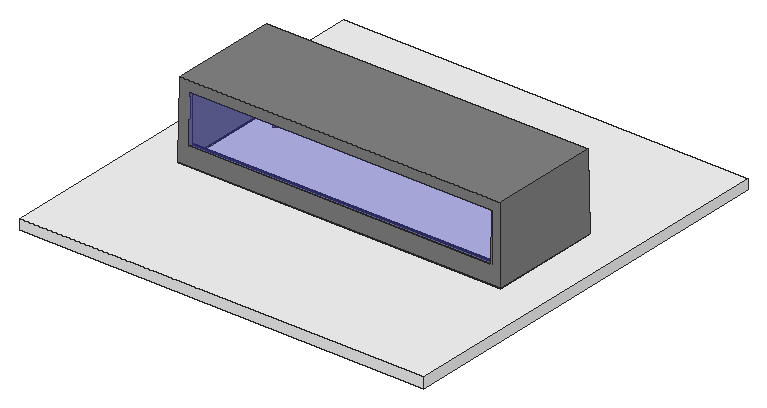
Revit family "BE_50147.5_de_DE", category Leuchten, Revit 2015
Parameters (values of type "BEGA_50147.5_K4")
  built-in parameter 1150104 = 12.087 (stored number, unit not read)
  Wattage = 33.6 W
  Default Elevation = 0 mm
  built-in parameter 1150113 = 1 (stored number, unit not read)
  built-in parameter 1114218 = 1 (stored number, unit not read)
  Umgebungstemperatur = "25 °C"
  URL = "http://www.bega.de/produkt/50147.5"
  Typenkommentare = "© 2017 BEGA. Wir behalten uns das Recht vor, technische Änderungen ohne vorherige Ankündigung vorzunehmen."  # constant formula
  built-in parameter 1150134 = 12
  built-in parameter 1150109 = 1 (stored number, unit not read)
  Strom = ""
  built-in parameter 1150110 = 1 (stored number, unit not read)
  Spannung = 239.996 V
  Sonderanfertigung = no
  Seriennummer [instance] = "Hier können Sie die eindeutige Seriennummer für das Facility Management eintragen."
  Schutzklasse = "I"
  Schutzart = ""
  Scheinlast = 0 VA
  Produktdatenblatt = "http://www.bega.de/download/Xrfa/db/50147.5.db.de.pdf"
  Oberflächentemperatur = ""
  Neigungswinkel = 0.00°
  Modell = "50147.5K4"
  Material_17 = BEGA_Reflektor
  Material_15 = BEGA_Leuchtmedium_matt
  Material_11 = BEGA_Glas_opal
  Material_09 = BEGA_Glas_klar
  Material_08 = BEGA_Oberfläche_Stahl_verzinkt
  Material_06 = BEGA_Oberfläche_Edelstahl_gebürstet
  Material_05 = BEGA_Oberfläche_Aluminium Guss
  Material_03 = BEGA_Oberfläche_Weiss_matt
  Material_02 = BEGA_Oberfläche_Silber_matt
  Material_01 [instance] = BEGA_Oberfläche_Grafit_matt
  M_W = no
  M_G = no
  M_A = no
  Logo = 0
  built-in parameter 1114217 = 1 (stored number, unit not read)
  built-in parameter 1150139 = (empty or 0)
  built-in parameter 1150105 = 347.86 (stored number, unit not read)
  built-in parameter 1150114 = 1 (stored number, unit not read)
  Lumens = 4371.36 lm
  built-in parameter 1150115 = 1 (stored number, unit not read)
  Leuchtenlichtstrom = "3338 lm"
  Leuchtenanzahl = ""
  Lebensdauerkriterien = "L70B50 @ 25 °C = 391000 h"
  Lastklassifizierung = Beleuchtung
  built-in parameter 1150112 = 1 (stored number, unit not read)
  Lampenlichtstrom = "4370 lm"
  Lampe = "LED 33.6 W"
  LED_Modulbezeichnung = "2x LED-0695/940 "
  Hersteller = "BEGA"  # constant formula
  Halbstreuwinkel = ""
  Gewicht = "2.5 kg"
  Gebrauchslageneinschränkung [instance] = ""
  Frequenz = "0/50-60 Hz"
  Farbwiedergabeindex = "Ra > 90"
  Farbtemperaturverschiebung bei Dämpfen der Lampe = <Keine Auswahl>
  Farbtemperatur = "4000 K"
  Color Filter = 16777215
  built-in parameter 1150133 = 10 (stored number, unit not read)
  Energieeffizienzklasse = "LED A++ - A"
  built-in parameter 1150137 = (empty or 0)
  built-in parameter 1150132 = (empty or 0)
  ENEC = ""
  Dimmbar [instance] = "DALI"
  Datei für fotometrisches Netz = "BE_50147K4.IES"
  CE_Konformität = "ja"
  Bestellnummer = "50147.5K4"
  Beschreibung_Sonderanfertigung = "Hier können Sie Informationen zur Sonderanfertigung eintragen."
  Beschreibung = "Wandfluter"
  built-in parameter 1150106 = 3.4786 (stored number, unit not read)
  Befestigungsbohrung = "Ø 4,8 mm"
  Befestigungsabstand = "265 x 65 mm"
  Ballwurfsicher = ""
  BEGA_Intern_aus = yes
  BEGA_Intern_an = yes
  BEGA_Intern_Konstruktion = yes
  BEGA_Intern = yes
  BEGA_IES = yes
  BEGA_Dummy = no
  Anschlussleitung = ""
  Anschlussleistung [instance] = "39 W"
  Anschlusskasten = ""
  built-in parameter 1150107 = 4000 (stored number, unit not read)
  built-in parameter 1150102 = (empty or 0)
  built-in parameter 1150138 = (empty or 0)
  Aktualisierung = "2017-07-11T04:09:12"
  Abstand_zur_angestrahlten_Fläche [instance] = ""
  AC/DC = "AC/DC"
Types (2, lengths in mm): name | built-in parameter 1150104 | built-in parameter 1150134 | Modell | built-in parameter 1150105 | Lumens | Leuchtenlichtstrom | Lampenlichtstrom | LED_Modulbezeichnung | Farbtemperatur | Datei für fotometrisches Netz | Bestellnummer | built-in parameter 1150106 | built-in parameter 1150107
  BEGA_50147.5_K4 | 12.087 (stored number, unit not read) | 12 | "50147.5K4" | 347.86 (stored number, unit not read) | 4371.36 lm | "3338 lm" | "4370 lm" | "2x LED-0695/940 " | "4000 K" | "BE_50147K4.IES" | "50147.5K4" | 3.4786 (stored number, unit not read) | 4000 (stored number, unit not read)
  BEGA_50147.5_K3 | 11.669 (stored number, unit not read) | (empty or 0) | "50147.5" | 335.83 (stored number, unit not read) | 4220.16 lm | "3224 lm" | "4220 lm" | "2x LED-0695/930 " | "3000 K" | "BE_50147.IES" | "50147.5" | 3.3583 (stored number, unit not read) | 3000 (stored number, unit not read)
Reference planes
  plane 1 "Mitte (Vorne/Hinten)": y = 0
  plane 2: z = 0
  plane 3 "Mitte (Links/Rechts)": x = 0
  plane 4 "Links": x = -160
  plane 5 "Rechts": x = 160
  plane 6 "Unten": y = -55
  plane 7 "Oben": y = 55
  plane 8 "Vorne": z = 76
  plane 9 "Hinten": z = 0
Forms (mm)
  Extrusion 1, solid, material "BEGA_Platte_Weiss"
    sketch origin (0, -1119.2, 0) x (1, 0, 0) y (0, 1, 0)
      loop
        line (-200, 1319.2) -> (-200, 919.2) -> (200, 919.2) -> (200, 1319.2) -> (-200, 1319.2)
    from 0 to -10
  Extrusion 2, solid, material "BEGA_Dummy_matt", visible <- "BEGA_Dummy"
    sketch origin (80.095, -76.023, 0) x (1, 0, 0) y (0, 1, 0)
      loop
        line (-240.095, 131.023) -> (-240.095, 21.023) -> (79.905, 21.023) -> (79.905, 131.023) -> (-240.095, 131.023)
    from 0 to 76
Dimensions and locks
  plane 1 "Mitte (Vorne/Hinten)" to Extrusion 1 = 200 mm
  aligned and locked: plane 2 to Extrusion 1
  aligned and locked: level to Extrusion 1
Nested families
  nested 1: "BE_50147.5" at (0, 0, 0), type "BE_50147.5"
Connectors
  electrical at (0, 0, 0), driven by "Lastklassifizierung", driven by "Spannung", driven by "Scheinlast"
    settings: index 1, voltage 239.996 V, apparent load 0 VA, apparent load phase1 0 VA, apparent load phase2 0 VA, apparent load phase3 0 VA, power factor 1, load classification "Beleuchtung", number of poles 1, system type 31, power factor state 1, is connector primary yes, connector utility no, sub classification motor no, connector description ""
Definition of nested family "BE_50147.5"
  Parameters (values of type "BE_50147.5")
    Default Elevation = 1 mm
    URL = "http://www.bega.de/de/produkt"
    Type Comments = "© 2015 BEGA. Wir behalten uns das Recht vor, technische Änderungen ohne vorherige Ankündigung vorzunehmen. "  # constant formula
    Type Image = (empty or 0)
    Neigungswinkel_um_Z2 = 0.00°
    Neigungswinkel_um_Z1 = 0.00°
    Neigungswinkel_um_Y2 = 0.00°
    Neigungswinkel_um_Y1 = 0.00°
    Neigungswinkel_um_X2 = 0.00°
    Neigungswinkel_um_X1 = 0.00°
    Material_17 = none
    Material_15 = none
    Material_11 = none
    Material_09 = none
    Material_08 = none
    Material_06 = none
    Material_05 = none
    Material_03 = none
    Material_02 = none
    Material_01 = none
    M_W = yes
    M_G = yes
    M_A = yes
    Länge_Platte = 400 mm  # constant formula
    Höhe_Platte = -10 mm  # constant formula
    Manufacturer = "BEGA"  # constant formula
    Drehwinkel_um_Z2 = 0.00°
    Drehwinkel_um_Z1 = 0.00°
    Breite_Platte = 200 mm  # constant formula
  Reference planes
    plane 1 "Mitte (Oben/Unten)": y = 0
    plane 2: z = 0
    plane 3 "Mitte (Links/Rechts)": x = 0
    plane 4: z = 76
    plane 5: y = 55
    plane 6: y = -55
    plane 7: x = -160
    plane 8: z = 76
    plane 9: x = 160
  Forms (mm)
    Extrusion 1, solid, detail levels medium
      sketch origin (0, 0, 0) x (1, 0, 0) y (0, 1, 0)
        loop
          line (-200, 100) -> (-200, -100) -> (200, -100) -> (200, 100) -> (-200, 100)
      from 0 to -10 <- "Höhe_Platte"
    Extrusion 2, solid, material <- "Material_01", detail levels medium+fine
      sketch origin (0, 0, 0) x (1, 0, 0) y (0, 0, 1)
        loop
          line (-160, 1) -> (-156, 1) -> (-153.661, 68) -> (153.661, 68) -> (156, 1) -> (160, 1) -> (158.691, 76) -> (-158.691, 76) -> (-160, 1)
      from -55 to 55
    Extrusion 3, solid, material <- "Material_01", detail levels medium+fine
      sketch origin (0, 0, 0) x (1, 0, 0) y (0, 0, 1)
        loop
          line (158.691, 76) -> (-158.691, 76) -> (-160, 1) -> (160, 1) -> (158.691, 76)
      from -55 to -50.695
    Extrusion 4, solid, material <- "Material_01", detail levels medium+fine
      sketch origin (0, 0, 0) x (1, 0, 0) y (0, 0, -1)
        loop
          line (158.691, -76) -> (160, -1) -> (-160, -1) -> (-158.691, -76) -> (158.691, -76)
      from -55 to -50.695
    Extrusion 5, void
      sketch origin (0, 0, 0) x (0, 1, 0) y (0, 0, 1)
        loop
          line (55, 1) -> (55.86, 1.015) -> (55.86, 78.41) -> (53.649, 78.41) -> (55, 1)
        loop
          line (-55, 1) -> (-53.649, 78.41) -> (-55.86, 78.41) -> (-55.86, 1.015) -> (-55, 1)
      from -163.845 to 169.172
    Sweep 6, solid, material <- "Material_03", detail levels medium+fine
      path origin (0, 0, 0) x (1, 0, 0) y (0, 1, 0)
        loop
          line (-160, 55) -> (-160, -55) -> (160, -55) -> (160, 55) -> (-160, 55)
      profile origin (-160, 0, 0) x (1, 0, 0) y (0, 0, 1)
        loop
          line (0.5, 1) -> (0.5, 0) -> (2.572, 0)
          arc (2.572, 0) -> (3.337, 0.152) -> (3.986, 0.586) r 2
          line (3.986, 0.586) -> (5.107, 1.707)
          arc (5.107, 1.707) -> (5.432, 1.924) -> (5.814, 2) r 1
          line (5.814, 2) -> (11.938, 2) -> (11.938, 3) -> (5.814, 3)
          arc (5.814, 3) -> (5.049, 2.848) -> (4.4, 2.414) r 2
          line (4.4, 2.414) -> (3.279, 1.293)
          arc (3.279, 1.293) -> (2.954, 1.076) -> (2.572, 1) r 1
          line (2.572, 1) -> (0.5, 1)
    Extrusion 7, solid, material <- "Material_03", detail levels medium+fine
      sketch origin (0, 0, 0) x (1, 0, 0) y (0, 1, 0)
        loop
          line (-149.215, 43.062) -> (-149.215, -43.062) -> (149.632, -43.062) -> (149.632, 43.062) -> (-149.215, 43.062)
      from 2 to 3
    Extrusion 8, void
      sketch origin (0, 0, 0) x (0, 1, 0) y (0, 0, 1)
        loop
          line (47.599, 66.082) -> (47.599, 18) -> (55.612, 18) -> (55.612, 66.082) -> (47.599, 66.082)
        loop
          line (-47.599, 66.082) -> (-55.612, 66.082) -> (-55.612, 18) -> (-47.599, 18) -> (-47.599, 66.082)
      from -149.215 to 149.632
    Extrusion 9, solid, material <- "Material_11", detail levels medium+fine
      sketch origin (0, 0, 0) x (0, -1, 0) y (0, 0, -1)
        loop
          line (54.603, -18.077) -> (50.203, -18) -> (49.366, -65.992) -> (53.765, -66.069) -> (54.603, -18.077)
      from -149.215 to 151.256
    Extrusion 10, solid, material <- "Material_11", detail levels medium+fine
      sketch origin (0, 0, 0) x (0, -1, 0) y (0, 0, -1)
        loop
          line (49.339, -67.492) -> (50.229, -16.5) -> (46.63, -16.437) -> (45.74, -67.429) -> (49.339, -67.492)
      from -153.522 to 153.147
    Extrusion 11, void
      sketch origin (0, 0, 0) x (1, 0, 0) y (0, 1, 0)
        loop
          circle (-132.5, 32.5) r 2.4
        loop
          circle (132.5, -32.5) r 2.4
        loop
          circle (130, -10) r 8.5
        loop
          circle (130, 10) r 8.5
      from 0 to 8
    Revolve 12, solid, material <- "Material_06", detail levels fine
      sketch origin (-145, 0, 0) x (0, 1, 0) y (0, 0, -1)
        loop
          line (56, -9) -> (53.425, -9) -> (53.425, -11) -> (56, -11) -> (56, -9)
        axis (56, -9) -> (53.425, -9)
      angle from 0 to 360
    Extrusion 13, solid, material <- "Material_11", detail levels medium+fine
      sketch origin (0, 0, 0) x (0, 1, 0) y (0, 0, 1)
        loop
          line (54.603, 18.077) -> (53.765, 66.069) -> (49.366, 65.992) -> (50.203, 18) -> (54.603, 18.077)
      from -149.215 to 151.256
    Extrusion 14, solid, material <- "Material_11", detail levels medium+fine
      sketch origin (0, 0, 0) x (0, 1, 0) y (0, 0, 1)
        loop
          line (49.339, 67.492) -> (45.74, 67.429) -> (46.63, 16.437) -> (50.229, 16.5) -> (49.339, 67.492)
      from -153.522 to 153.147
    Revolve 15, solid, material <- "Material_06", detail levels fine
      sketch origin (145, 0, 0) x (0, 1, 0) y (0, 0, 1)
        loop
          line (56, 9) -> (56, 11) -> (53.425, 11) -> (53.425, 9) -> (56, 9)
        axis (56, 9) -> (53.425, 9)
      angle from 0 to 360
  Cuts and joins
    Extrusion 5, Extrusion 8 cuts Extrusion 2
    Extrusion 5, Extrusion 8 cuts Extrusion 3
    Extrusion 5, Extrusion 8 cuts Extrusion 4
    joined: Extrusion 2, Extrusion 3, Extrusion 4
    Extrusion 11 cuts Sweep 6
    Extrusion 11 cuts Extrusion 7
    joined: Sweep 6, Extrusion 7
    joined: Extrusion 9, Extrusion 10
    joined: Extrusion 13, Extrusion 14
  Dimensions and locks
    equal spacing: Extrusion 1 sketch curve, plane 3 "Mitte (Links/Rechts)", Extrusion 1 sketch curve
    equal spacing: Extrusion 1 sketch curve, plane 1 "Mitte (Oben/Unten)", Extrusion 1 sketch curve
    "Länge_Platte": Extrusion 1 sketch curve to Extrusion 1 sketch curve
    "Breite_Platte": Extrusion 1 sketch curve to Extrusion 1 sketch curve
    aligned and locked: plane 2 to Extrusion 1
    aligned and locked: level to Extrusion 1
  Automatic sketch dimensions
    plane 7 to Extrusion 2 sketch curve = 0 mm
    Extrusion 2 sketch curve to plane 4 = 0 mm
    Extrusion 2 sketch curve to plane 7 = 1.309 mm
    level to Extrusion 2 sketch curve = 1 mm  (x2)
    Extrusion 2 sketch curve to plane 7 = 4 mm
    Extrusion 2 sketch curve to plane 7 = 6.339 mm
    Extrusion 2 sketch curve to plane 9 = 6.339 mm
    Extrusion 2 sketch curve to plane 9 = 4 mm
    Extrusion 2 sketch curve to plane 9 = 1.309 mm
    plane 9 to Extrusion 2 sketch curve = 0 mm
    plane 4 to Extrusion 2 sketch curve = 8 mm
    plane 7 to Extrusion 3 sketch curve = 0 mm
    Extrusion 3 sketch curve to plane 4 = 0 mm
    Extrusion 3 sketch curve to plane 7 = 1.309 mm
    Extrusion 3 sketch curve to plane 9 = 1.309 mm
    plane 9 to Extrusion 3 sketch curve = 0 mm
    level to Extrusion 3 sketch curve = 1 mm
    plane 7 to Extrusion 4 sketch curve = 0 mm
    Extrusion 4 sketch curve to plane 4 = 0 mm
    Extrusion 4 sketch curve to plane 7 = 1.309 mm
    Extrusion 4 sketch curve to plane 9 = 1.309 mm
    plane 9 to Extrusion 4 sketch curve = 0 mm
    level to Extrusion 4 sketch curve = 1 mm
    Extrusion 5 sketch curve to plane 6 = 0 mm
    Extrusion 5 sketch curve to plane 5 = 0 mm
    plane 6 to Extrusion 5 sketch curve = 0.86 mm
    Extrusion 5 sketch curve to plane 6 = 1.351 mm
    Extrusion 5 sketch curve to plane 5 = 1.351 mm
    plane 5 to Extrusion 5 sketch curve = 0.86 mm
    level to Extrusion 5 sketch curve = 1 mm  (x2)
    Extrusion 5 sketch curve to Extrusion 5 sketch curve = 0.015 mm  (x2)
    Sweep 6 sketch curve to Sweep 6 sketch curve = 0 mm  (x9)
    Sweep 6 sketch curve to level = 0 mm
    Sweep 6 sketch curve to profile plane = 0.5 mm
    Sweep 6 sketch curve to Sweep 6 sketch curve = 2.072 mm
    level to Sweep 6 sketch curve = 1 mm
    Sweep 6 sketch curve to Sweep 6 sketch curve = 3.243 mm
    level to Sweep 6 sketch curve = 2 mm
    Sweep 6 sketch curve to Sweep 6 sketch curve = 6.124 mm
    Sweep 6 sketch curve to Sweep 6 sketch curve = 1 mm  (x3)
    level to Sweep 6 sketch curve = 1.293 mm
    Sweep 6 sketch curve to Sweep 6 sketch curve = 0.707 mm  (x3)
    level to Sweep 6 sketch curve = 0.586 mm
    Sweep 6 sketch curve to Sweep 6 sketch curve = 1.414 mm
    level to Sweep 6 sketch curve = 1.707 mm
    Extrusion 7 sketch curve to plane 6 = 11.938 mm
    Extrusion 7 sketch curve to plane 7 = 10.785 mm
    Extrusion 7 sketch curve to plane 9 = 10.368 mm
    Extrusion 7 sketch curve to plane 5 = 11.938 mm
    plane 6 to Extrusion 8 sketch curve = 0.612 mm
    Extrusion 8 sketch curve to plane 6 = 7.401 mm
    Extrusion 8 sketch curve to plane 5 = 7.401 mm
    plane 5 to Extrusion 8 sketch curve = 0.612 mm
    level to Extrusion 8 sketch curve = 18 mm  (x2)
    plane 4 to Extrusion 8 sketch curve = 9.918 mm  (x2)
    plane 6 to Extrusion 9 sketch curve = 5.634 mm
    plane 6 to Extrusion 9 sketch curve = 4.797 mm
    plane 6 to Extrusion 9 sketch curve = 1.235 mm
    plane 6 to Extrusion 9 sketch curve = 0.397 mm
    Extrusion 9 sketch curve to level = 18 mm
    Extrusion 9 sketch curve to Extrusion 9 sketch curve = 0.077 mm  (x2)
    Extrusion 9 sketch curve to plane 4 = 10.008 mm
    plane 6 to Extrusion 10 sketch curve = 9.26 mm
    plane 6 to Extrusion 10 sketch curve = 8.37 mm
    Extrusion 10 sketch curve to Extrusion 10 sketch curve = 3.599 mm  (x2)
    Extrusion 10 sketch curve to level = 16.437 mm
    Extrusion 10 sketch curve to Extrusion 10 sketch curve = 0.063 mm  (x2)
    Extrusion 10 sketch curve to plane 4 = 8.571 mm
    Revolve 12 sketch curve to plane 5 = 1.575 mm
    plane 5 to Revolve 12 sketch curve = 1 mm
    level to Revolve 12 sketch curve = 11 mm
    Revolve 12 sketch curve to Revolve 12 sketch curve = 2 mm  (x2)
    Revolve 12 sketch curve to Revolve 12 sketch curve = 0.595 mm
    Revolve 12 sketch curve to Revolve 12 sketch curve = 0 mm
    Extrusion 13 sketch curve to plane 5 = 5.634 mm
    Extrusion 13 sketch curve to plane 5 = 4.797 mm
    Extrusion 13 sketch curve to plane 5 = 1.235 mm
    Extrusion 13 sketch curve to plane 5 = 0.397 mm
    level to Extrusion 13 sketch curve = 18 mm
    Extrusion 13 sketch curve to Extrusion 13 sketch curve = 0.077 mm  (x2)
    plane 4 to Extrusion 13 sketch curve = 10.008 mm
    Extrusion 14 sketch curve to plane 5 = 9.26 mm
    Extrusion 14 sketch curve to plane 5 = 8.37 mm
    Extrusion 14 sketch curve to Extrusion 14 sketch curve = 3.599 mm  (x2)
    level to Extrusion 14 sketch curve = 16.437 mm
    Extrusion 14 sketch curve to Extrusion 14 sketch curve = 0.063 mm  (x2)
    plane 4 to Extrusion 14 sketch curve = 8.571 mm
    Revolve 15 sketch curve to plane 5 = 1.575 mm
    plane 5 to Revolve 15 sketch curve = 1 mm
    level to Revolve 15 sketch curve = 9 mm
    Revolve 15 sketch curve to Revolve 15 sketch curve = 2 mm  (x2)
    Revolve 15 sketch curve to Revolve 15 sketch curve = 0.595 mm
    Revolve 15 sketch curve to Revolve 15 sketch curve = 0 mm
    Extrusion 11 sketch curve to plane 7 = 27.5 mm
    plane 1 "Mitte (Oben/Unten)" to Extrusion 11 sketch curve = 10 mm
    Extrusion 11 sketch curve to plane 9 = 30 mm
    Extrusion 11 sketch curve to plane 1 "Mitte (Oben/Unten)" = 10 mm
    Extrusion 11 sketch curve to Extrusion 11 sketch curve = 0 mm
    Extrusion 11 sketch curve to Extrusion 11 sketch curve = 2.5 mm
    Extrusion 11 sketch curve to plane 6 = 22.5 mm
    Extrusion 11 sketch curve to plane 5 = 22.5 mm
    Sweep 6 sketch curve to plane 6 = 0 mm
    Sweep 6 sketch curve to plane 7 = 0 mm
    Sweep 6 sketch curve to plane 9 = 0 mm
    plane 5 to Sweep 6 sketch curve = 0 mm
    radius of Extrusion 11 sketch curve = 2.4 mm  (x2)
    radius of Extrusion 11 sketch curve = 8.5 mm  (x2)
